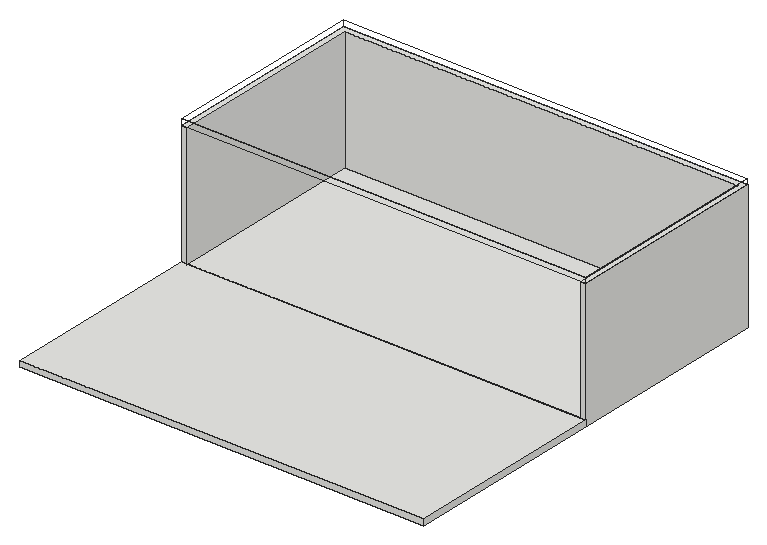
Revit family "Table-Coffee-Teknion-STLI_Masalla-R2013", category Furniture, Revit 2013
Parameters (values of type "1 Box Square, Platform")
  Width = 33.46457"
  Warranty = "http://www.teknionstudio.com/pdfs/Teknion%20Studio%20Warranty.pdf"
  Unit Weight = 0.00 lbf
  URL = "www.teknionstudio.com"
  Table Top Finish [instance] = Glass - Teknion - A5 - Standard - Clear
  Surface B Finish [instance] = Paint - Teknion - True White
  Surface A Finish [instance] = Paint - Teknion - True White
  Series = "Studio"
  Product Line = "Masalla"
  Product Documentation Link = "http://www.teknionstudio.com/pricing/STLI_ppg.pdf"
  Part Number = "STLI"
  Model = "STLI"
  Manufacturer Phone = "919-464-2920"
  Manufacturer Fax = "919-464-2927"
  Manufacturer Email = "customersupport@teknionstudio.com"
  Manufacturer Address = "3941 US 70 Business HWY West, Clayton, NC 27520"
  Manufacturer = "Teknion Studio"
  Low Emitting Material = yes
  Low Emitting Finish = yes
  Height = 12.59843"
  Description = "Masalla Table, 1 Box Square with Platform"
  Depth = 33.46457"
  Assembly Code = "E2020200"
Reference planes (in)
  plane 1 "Center F/B": y = 0
  plane 2: z = 0
  plane 3 "Center L/R": x = 0
  plane 4 "Left": x = -16.73228
  plane 5 "Right": x = 16.73228
  plane 6 "Back": y = 16.73228
  plane 7 "Front": y = -16.73228
  plane 8 "Top": z = 12.59843
  plane 9: z = 1.5748
  plane 10: z = 12.12598
Forms (in)
  Sweep 1, solid, material "Paint - Teknion - Smoke"
    path origin (0, 0, 0) x (1, 0, 0) y (0, 0, 1)
      loop
        line (0, 0) -> (0, 1.5748)
    profile origin (0, 0, 0.7874) x (-1, 0, 0) y (0, -1, 0)
      loop
        line (14.37028, -14.37008) -> (14.37028, 14.37008) -> (-14.37028, 14.37008) -> (-14.37028, -14.37008) -> (14.37028, -14.37008)
      loop
        line (-13.89784, -13.89764) -> (13.89784, -13.89764) -> (13.89784, 13.89764) -> (-13.89784, 13.89764) -> (-13.89784, -13.89764)
  Sweep 2, solid, material "Paint - Teknion - Smoke"
    path origin (0, 0, 0) x (1, 0, 0) y (0, 0, 1)
      loop
        line (0, 1.5748) -> (0, 1.10236)
    profile origin (0, 0, 1.33858) x (0, -1, 0) y (1, 0, 0)
      loop
        line (-13.89764, -13.89728) -> (13.89764, -13.89728) -> (13.89764, 13.89728) -> (-13.89764, 13.89728) -> (-13.89764, -13.89728)
  Sweep 3, solid, material "Glass - Teknion - A5 - Standard - Clear" <- "Table Top Finish"
    path origin (0, 0, 0) x (1, 0, 0) y (0, 0, 1)
      loop
        line (0, 12.59843) -> (0, 12.12598)
    profile origin (0, 0, 12.3622) x (0, -1, 0) y (1, 0, 0)
      loop
        line (-16.73228, -16.73228) -> (0, -16.73228) -> (0, 16.73228) -> (-16.73228, 16.73228) -> (-16.73228, -16.73228)
  Sweep 4, solid, material "Paint - Teknion - True White" <- "Surface A Finish"
    path origin (0, 0, 0) x (1, 0, 0) y (0, 0, 1)
      loop
        line (0, 12.12598) -> (0, 1.5748)
    profile origin (0, 0, 6.85039) x (0, -1, 0) y (1, 0, 0)
      loop
        line (-16.73228, -16.73228) -> (0, -16.73228) -> (0, -16.25984) -> (-16.26028, -16.25984) -> (-16.26028, 16.26028) -> (0, 16.26028) -> (0, 16.73228) -> (-16.73228, 16.73228) -> (-16.73228, -16.73228)
  Sweep 5, solid, material "Paint - Teknion - True White" <- "Surface A Finish"
    path origin (0, 0, 0) x (-1, 0, 0) y (0, 0, 1)
      loop
        line (0, 1.5748) -> (0, 2.04724)
    profile origin (0, 0, 1.81102) x (-1, 0, 0) y (0, -1, 0)
      loop
        line (-16.25984, -16.26028) -> (16.25984, -16.26028) -> (16.25984, 0) -> (-16.25984, 0) -> (-16.25984, -16.26028)
  Sweep 6, solid, material "Paint - Teknion - True White" <- "Surface B Finish"
    path origin (0, 0, 0) x (1, 0, 0) y (0, 0, -1)
      loop
        line (0, -1.5748) -> (0, -2.04724)
    profile origin (0, 0, 1.81102) x (1, 0, 0) y (0, 1, 0)
      loop
        line (-16.73228, -16.73228) -> (16.73228, -16.73228) -> (16.73228, 0) -> (-16.73228, 0) -> (-16.73228, -16.73228)
Lines and regions (in)
  Masking region 1
    outline origin (0, 0, 12.59843) x (-1, 0, 0) y (0, -1, 0)
      loop
        line (16.73228, -16.73228) -> (16.73228, 16.73228) -> (-16.73228, 16.73228) -> (-16.73228, -16.73228) -> (16.73228, -16.73228)
  symbolic lines, style "Hidden Lines", detail levels medium+fine
    curve 1: line (-16.73228, 0, 12.59843) -> (16.73228, 0, 12.59843)
  symbolic lines, style "Hidden Lines", detail levels fine
    curve 2: line (16.25984, 16.73228, 12.59843) -> (16.25984, 0, 12.59843)
    curve 3: line (-16.25984, 16.73228, 12.59843) -> (-16.25984, 0, 12.59843)
    curve 4: line (-16.25984, 16.26028, 12.59843) -> (16.25984, 16.26028, 12.59843)
Dimensions and locks (in)
  "Height": plane 8 "Top" to level
  equal spacing: plane 4 "Left", plane 3 "Center L/R", plane 5 "Right"
  equal spacing: plane 6 "Back", plane 1 "Center F/B", plane 7 "Front"
  "Width": plane 4 "Left" to plane 5 "Right"
  "Depth": plane 6 "Back" to plane 7 "Front"
  locked: plane 8 "Top" to Sweep 3 sketch curve at 0.47244
  locked: plane 8 "Top" to plane 10 at 0.47244
  locked: plane 9 to plane 2 at 1.5748
  locked: plane 9 to Sweep 2 sketch curve at 0.47244
  locked: plane 4 "Left" to Sweep 4 sketch curve at 0.47244
  locked: Sweep 5 sketch curve to plane 5 "Right" at 0.47244
  locked: Sweep 5 sketch curve to plane 9 at 0.47244
  locked: Sweep 6 sketch curve to plane 9 at 0.47244
  locked: plane 4 "Left" to curve 3 at 0.47244
  locked: curve 2 to plane 5 "Right" at 0.47244
  locked: Sweep 1 sketch curve to Sweep 1 sketch curve at 0.47244  (x2)
  locked: plane 4 "Left" to Sweep 1 sketch curve at 2.362
  locked: Sweep 1 sketch curve to plane 5 "Right" at 2.362
  plane 6 "Back" to Sweep 1 sketch curve to Sweep 1 sketch curve = 2.3622" locked, 0.47244" locked
  plane 7 "Front" to Sweep 1 sketch curve to Sweep 1 sketch curve = 2.3622" locked, 0.47244" locked
  locked: plane 6 "Back" to Sweep 2 sketch curve at 2.83465
  locked: Sweep 2 sketch curve to plane 7 "Front" at 2.83465
  locked: Sweep 2 sketch curve to plane 5 "Right" at 2.835
  locked: plane 4 "Left" to Sweep 2 sketch curve at 2.835
  locked: Sweep 4 sketch curve to plane 5 "Right" at 0.472
  locked: plane 6 "Back" to Sweep 4 sketch curve at 0.472
  locked: curve 4 to plane 6 "Back" at 0.472
  locked: plane 4 "Left" to Sweep 5 sketch curve at 0.47244
  locked: plane 6 "Back" to Sweep 5 sketch curve at 0.472
  aligned and locked: level to plane 2
  aligned and locked: plane 3 "Center L/R" to Sweep 1 sketch curve
  aligned and locked: plane 2 to Sweep 1 sketch curve
  aligned and locked: Sweep 2 sketch curve to plane 3 "Center L/R"
  aligned and locked: Sweep 3 sketch curve to plane 3 "Center L/R"
  aligned and locked: plane 8 "Top" to Sweep 3 sketch curve
  aligned and locked: Sweep 3 sketch curve to plane 6 "Back"
  aligned and locked: plane 4 "Left" to Sweep 3 sketch curve
  aligned and locked: Sweep 3 sketch curve to plane 5 "Right"
  aligned and locked: plane 9 to Sweep 1 sketch curve
  aligned and locked: plane 9 to Sweep 2 sketch curve
  aligned and locked: plane 10 to Sweep 4 sketch curve
  aligned and locked: Sweep 4 sketch curve to plane 3 "Center L/R"
  aligned and locked: plane 9 to Sweep 4 sketch curve
  aligned and locked: Sweep 4 sketch curve to plane 4 "Left"
  aligned and locked: Sweep 4 sketch curve to plane 6 "Back"
  aligned and locked: Sweep 4 sketch curve to plane 1 "Center F/B"  (x2)
  aligned and locked: plane 9 to Sweep 5 sketch curve
  aligned and locked: plane 7 "Front" to Sweep 6 sketch curve
  aligned and locked: plane 9 to Sweep 6 sketch curve
  aligned and locked: Masking region 1 sketch curve to plane 6 "Back"
  aligned and locked: Masking region 1 sketch curve to plane 5 "Right"
  aligned and locked: Masking region 1 sketch curve to plane 7 "Front"
  aligned and locked: plane 4 "Left" to Masking region 1 sketch curve
  aligned and locked: plane 4 "Left" to curve 1
  aligned and locked: plane 5 "Right" to curve 1
  aligned and locked: plane 6 "Back" to curve 2
  aligned and locked: plane 6 "Back" to curve 3
  aligned and locked: Sweep 3 sketch curve to plane 1 "Center F/B"
  aligned and locked: Sweep 4 sketch curve to plane 5 "Right"
  aligned and locked: plane 1 "Center F/B" to Sweep 5 sketch curve
  aligned and locked: Sweep 6 sketch curve to plane 4 "Left"
  aligned and locked: plane 5 "Right" to Sweep 6 sketch curve
  aligned and locked: Sweep 6 sketch curve to plane 1 "Center F/B"
  aligned and locked: plane 1 "Center F/B" to curve 3
  aligned and locked: plane 1 "Center F/B" to curve 2
Automatic sketch dimensions
  Sweep 5 sketch curve to plane 3 "Center L/R" = 0.000"
  Sweep 6 sketch curve to plane 3 "Center L/R" = 0.000"
